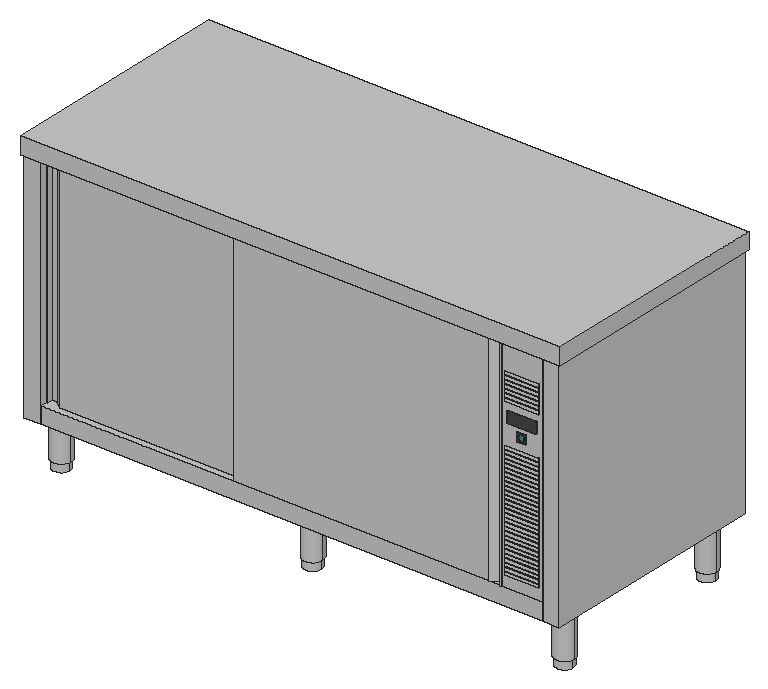
Revit family "QF_ELECTROLUXPROFESSIONAL_132798_MTCD1600PN", category Attrezzature speciali, Revit 2020
Family settings
  Quota connettore circolare = Usa diametro
  Tipo di parte = Normale
  Basato su piano di lavoro = No
  Sempre verticale = Sì
  Taglio con vuoti quando caricato = No
  Condiviso = No
  Punto di calcolo locali = No
Parameters (values of type "Standard")
  Weight = 65.00 kg
  Watts = 2400 W
  Volts = 220 V
  URL Manufacturer = "https://www.electroluxprofessional.com/"
  URL = "https://www.electroluxprofessional.com/"
  Steam Supply Size = 0 mm
  Steam Supply Minimum Pressure = 0.0 Pa
  Steam Supply Maximum Pressure = 0.0 Pa
  Steam Consumption per Hour = 0
  Refrigeration Suction Line Size = 0.0 mm
  Refrigeration Liquid Line Size = 0.0 mm
  Refrigerant Compressor Remote = yes
  Prospetto di default = 0.0 mm
  Produttore = "Electrolux Professional"
  Phase = 1
  Modello = "MTCD1600PN"
  Length Actual = 1600.0 mm  # constant formula
  Item Number = "132798"
  Hot Water Size = 0 mm
  Height Actual = 900.0 mm  # constant formula
  HP = "3.2 HP"
  Gas Size = 0 mm
  Gas KW = 0
  Gas Input Pressure = 0 W
  Direct Waste Size = 0 mm
  Descrizione = "HOT PASST.CUPB.VENT+SHELF+SLIDING D.1600"
  Depth Actual = 700.0 mm  # constant formula
  Cycle = 50 Hz
  Condensate Return Size = 0 mm
  Compressed Air Volume = 0.0 L/s
  Compressed Air Size = 0 mm
  Compressed Air Pressure = 0.0 Pa
  Cold Water Size = 0 mm
  Accessory = yes
Reference planes
  plane 1 "Center (Front/Back)": y = 0
  plane 2: z = 0
  plane 3 "Center (Left/Right)": x = -300
  plane 4 "LEFT": x = -1100
  plane 5 "RIGHT": x = 500
  plane 6 "BACK": y = 350
  plane 7 "FRONT": y = -350
  plane 8 "Base": z = 850
  plane 9 "TOP": z = 900
  plane 10: x = -1046.5
  plane 11: x = 446.5
  plane 12: y = 264.5
  plane 13: y = -264.5
  plane 14 "BodyLeft": x = -1094.5
  plane 15 "BodyFront": y = -344.5
  plane 16 "BodyRight": x = 494.5
  plane 17 "BodyBack": y = 344.5
  plane 18 "FEET": z = 150
  plane 19: x = 324.5
  plane 20: x = -361
  plane 21: x = 444.5
  plane 22: x = 400
  plane 23: y = -170
Forms (mm)
  Extrusion 1, solid, material "QF_Finishes_Stainless Steel"
    sketch origin (-300, 0, 0) x (0, 1, 0) y (0, 0, 1)
      loop
        line (-350, 850) -> (350, 850) -> (350, 900) -> (-350, 900) -> (-350, 850)
    from 800 to -800
  Extrusion 2, solid, material "QF_Finishes_Stainless Steel"
    sketch origin (0, 0, 150) x (-1, 0, 0) y (0, -1, 0)
      loop
        line (1094.5, -344.5) -> (1094.5, 344.5) -> (1044.5, 344.5) -> (1044.5, -344.5) -> (1094.5, -344.5)
      loop
        line (-444.5, -344.5) -> (-444.5, 344.5) -> (-494.5, 344.5) -> (-494.5, -344.5) -> (-444.5, -344.5)
    from 0 to 700
  Extrusion 3, solid, material "QF_Finishes_Stainless Steel"
    sketch origin (0, 0, 150) x (-1, 0, 0) y (0, -1, 0)
      loop
        line (1044.5, -344.5) -> (1044.5, 344.5) -> (-444.5, 344.5) -> (-444.5, -344.5) -> (1044.5, -344.5)
    from 0 to 50
  Extrusion 4, solid, material "QF_Finishes_Stainless Steel"
    sketch origin (-1, 0, 150) x (-1, 0, 0) y (0, -1, 0)
      loop
        line (-325.5, 344.5) -> (-325.5, 324.5) -> (470.5, 324.5) -> (470.5, 344.5) -> (-285.5, 344.5) -> (-305.5, 329.5) -> (-320.5, 329.5) -> (-320.5, 344.5) -> (-325.5, 344.5)
    from 50 to 700
  Extrusion 5, solid, material "QF_Finishes_Stainless Steel"
    sketch origin (1, 20, 150) x (1, 0, 0) y (0, 1, 0)
      loop
        line (-1045.5, -344.5) -> (-1040.5, -344.5) -> (-1040.5, -329.5) -> (-1025.5, -329.5) -> (-1005.5, -344.5) -> (-251.5, -344.5) -> (-251.5, -324.5) -> (-1045.5, -324.5) -> (-1045.5, -344.5)
    from 50 to 700
  Extrusion 6, solid, material "QF_Finishes_Stainless Steel"
    sketch origin (0, 0, 0) x (1, 0, 0) y (0, 1, 0)
      loop
        line (-1044.5, -304.5) -> (324.5, -304.5) -> (324.5, 304.5) -> (-1044.5, 304.5) -> (-1044.5, -304.5)
    from 500 to 540
  Extrusion 7, solid, material "QF_Finishes_Stainless Steel"
    sketch origin (-1, 0, 150) x (-1, 0, 0) y (0, -1, 0)
      loop
        line (-325.5, -344.5) -> (-320.5, -344.5) -> (-320.5, -329.5) -> (-305.5, -329.5) -> (-285.5, -344.5) -> (470.5, -344.5) -> (470.5, -324.5) -> (-325.5, -324.5) -> (-325.5, -344.5)
    from 50 to 700
  Extrusion 8, solid, material "QF_Finishes_Stainless Steel"
    sketch origin (1, -20, 150) x (1, 0, 0) y (0, 1, 0)
      loop
        line (-1045.5, 344.5) -> (-1045.5, 324.5) -> (-251.5, 324.5) -> (-251.5, 344.5) -> (-1005.5, 344.5) -> (-1025.5, 329.5) -> (-1040.5, 329.5) -> (-1040.5, 344.5) -> (-1045.5, 344.5)
    from 50 to 700
  Extrusion 9, solid, material "QF_Finishes_Stainless Steel"
    sketch origin (0, 0, 0) x (1, 0, 0) y (0, 1, 0)
      loop
        line (444.5, 344.5) -> (324.5, 344.5) -> (324.5, 324.5) -> (444.5, 324.5) -> (444.5, 344.5)
    from 200 to 850
  Extrusion 10, solid, material "QF_Finishes_Stainless Steel"
    sketch origin (0, 0, 150) x (-1, 0, 0) y (0, -1, 0)
      loop
        circle (-400, 170) r 10
    from 0 to -5
Cuts and joins
  joined: Extrusion 3, Extrusion 9
Lines and regions (mm)
  symbolic lines
    curve 1: line (500, 350, 900) -> (-1100, 350, 900)
    curve 2: line (-1100, 350, 900) -> (-1100, -350, 900)
    curve 3: line (-1100, -350, 900) -> (500, -350, 900)
    curve 4: line (500, -350, 900) -> (500, 350, 900)
    curve 5: line (-1100, 337, 900) -> (500, 337, 900)
  symbolic lines, style "SpecialityEquipmentHiddenLines"
    curve 6: line (-1094.5, 344.5, 150) -> (494.5, 344.5, 150)
    curve 7: line (-1094.5, -344.5, 150) -> (-1094.5, 344.5, 150)
    curve 8: line (494.5, -344.5, 150) -> (-1094.5, -344.5, 150)
    curve 9: line (494.5, 344.5, 150) -> (494.5, -344.5, 150)
    curve 10: line (-1045.5, -304.5, 150) -> (-249.5, -304.5, 150)
    curve 11: line (-249.5, -304.5, 150) -> (-249.5, -324.5, 150)
    curve 12: line (-1045.5, -324.5, 150) -> (444.5, -324.5, 150)
    curve 13: line (444.5, -324.5, 150) -> (444.5, -344.5, 150)
    curve 14: line (-1045.5, -304.5, 150) -> (-1045.5, -324.5, 150)
    curve 15: line (-471.5, -344.5, 0) -> (-471.5, -324.5, 0)
    curve 16: line (-1045.5, 304.5, 150) -> (-249.5, 304.5, 150)
    curve 17: line (-1045.5, 324.5, 150) -> (444.5, 324.5, 150)
    curve 18: line (-471.5, 344.5, 0) -> (-471.5, 324.5, 0)
    curve 19: line (-250.5, 304.5, 0) -> (-250.5, 324.5, 0)
Dimensions and locks
  plane 4 "LEFT" to plane 5 "RIGHT" = 1600.0 mm
  equal spacing: plane 4 "LEFT", plane 3 "Center (Left/Right)", plane 5 "RIGHT"
  locked: plane 8 "Base" to level at 850
  locked: plane 9 "TOP" to level at 900
  plane 6 "BACK" to plane 7 "FRONT" = 700.0 mm
  equal spacing: plane 6 "BACK", plane 1 "Center (Front/Back)", plane 7 "FRONT"
  locked: plane 4 "LEFT" to plane 14 "BodyLeft" at 5.5
  locked: plane 16 "BodyRight" to plane 5 "RIGHT" at 5.5
  locked: plane 15 "BodyFront" to plane 7 "FRONT" at 5.5
  locked: plane 6 "BACK" to plane 17 "BodyBack" at 5.5
  locked: plane 14 "BodyLeft" to plane 10 at 48
  locked: plane 11 to plane 16 "BodyRight" at 48
  locked: plane 13 to plane 15 "BodyFront" at 80
  locked: plane 17 "BodyBack" to plane 12 at 80
  plane 10 to plane 11 = 1493.0 mm
  plane 12 to plane 13 = 529.0 mm
  locked: plane 14 "BodyLeft" to Extrusion 2 sketch curve at 50
  locked: Extrusion 2 sketch curve to Extrusion 2 sketch curve at 50
  equal spacing: plane 10, plane 20, plane 19
  locked: plane 21 to plane 16 "BodyRight" at 50
  locked: plane 19 to plane 21 at 120
  locked: Extrusion 4 sketch curve to plane 20 at 110.5
  locked: plane 20 to Extrusion 5 sketch curve at 110.5
  locked: plane 18 "FEET" to level at 150
  locked: plane 22 to plane 5 "RIGHT" at 100
  locked: plane 23 to plane 7 "FRONT" at 180
  aligned and locked: level to plane 2
  aligned and locked: plane 10 to nested 1
  aligned and locked: nested 1 to plane 13
  aligned and locked: plane 11 to nested 2
  aligned and locked: nested 2 to plane 13
  aligned and locked: plane 11 to nested 4
  aligned and locked: nested 4 to plane 12
  aligned and locked: plane 10 to nested 3
  aligned and locked: nested 3 to plane 12
  aligned and locked: Extrusion 1 to plane 4 "LEFT"
  aligned and locked: plane 5 "RIGHT" to Extrusion 1
  aligned and locked: curve 2 to plane 4 "LEFT"
  aligned and locked: plane 17 "BodyBack" to Extrusion 2 sketch curve
  aligned and locked: Extrusion 2 sketch curve to plane 15 "BodyFront"
  aligned and locked: Extrusion 2 sketch curve to plane 14 "BodyLeft"
  aligned and locked: plane 16 "BodyRight" to Extrusion 2 sketch curve
  aligned and locked: Extrusion 2 sketch curve to plane 17 "BodyBack"
  aligned and locked: plane 15 "BodyFront" to Extrusion 2 sketch curve
  aligned and locked: Extrusion 3 sketch curve to plane 17 "BodyBack"
  aligned and locked: plane 15 "BodyFront" to Extrusion 3 sketch curve
  aligned and locked: plane 8 "Base" to Extrusion 2
  aligned and locked: plane 8 "Base" to Extrusion 4
  aligned and locked: Extrusion 4 to Extrusion 3
  aligned and locked: Extrusion 1 to plane 8 "Base"
  aligned and locked: plane 9 "TOP" to Extrusion 1
  aligned and locked: curve 6 to plane 17 "BodyBack"
  aligned and locked: plane 14 "BodyLeft" to curve 7
  aligned and locked: plane 15 "BodyFront" to curve 8
  aligned and locked: plane 16 "BodyRight" to curve 9
  aligned and locked: Extrusion 3 to Extrusion 2  (x2)
  aligned and locked: Extrusion 6 sketch curve to Extrusion 2
  aligned and locked: Extrusion 6 sketch curve to Extrusion 5
  aligned and locked: curve 19 to Extrusion 8
  aligned and locked: curve 18 to Extrusion 7
  aligned and locked: nested 5 to plane 21
  aligned and locked: Extrusion 6 sketch curve to plane 19
  aligned and locked: plane 3 "Center (Left/Right)" to nested 6
  aligned and locked: plane 3 "Center (Left/Right)" to nested 7
Automatic sketch dimensions
  Extrusion 7 sketch curve to plane 19 = 0.0 mm
  Extrusion 7 sketch curve to plane 17 "BodyBack" = 0.0 mm  (x2)
  Extrusion 7 sketch curve to Extrusion 7 sketch curve = 5.0 mm
  Extrusion 7 sketch curve to Extrusion 7 sketch curve = 15.0 mm
  Extrusion 7 sketch curve to Extrusion 7 sketch curve = 20.0 mm
  plane 17 "BodyBack" to Extrusion 7 sketch curve = 20.0 mm
  plane 20 to Extrusion 7 sketch curve = 110.5 mm
  plane 17 "BodyBack" to Extrusion 7 sketch curve = 15.0 mm
  curve 15 to plane 15 "BodyFront" = 0.0 mm
  plane 15 "BodyFront" to curve 15 = 20.0 mm
  curve 15 to plane 20 = 110.5 mm
  curve 3 to plane 7 "FRONT" = 0.0 mm
  curve 5 to plane 5 "RIGHT" = 0.0 mm
  curve 4 to plane 6 "BACK" = 0.0 mm
  curve 5 to plane 17 "BodyBack" = 7.5 mm
  Extrusion 1 sketch curve to plane 7 "FRONT" = 0.0 mm
  Extrusion 1 sketch curve to plane 6 "BACK" = 0.0 mm
  Extrusion 1 sketch curve to plane 8 "Base" = 0.0 mm
  Extrusion 1 sketch curve to plane 9 "TOP" = 0.0 mm
  Extrusion 3 sketch curve to plane 21 = 0.0 mm
  plane 10 to Extrusion 3 sketch curve = 2.0 mm
  Extrusion 4 sketch curve to plane 19 = 0.0 mm
  Extrusion 4 sketch curve to plane 15 "BodyFront" = 0.0 mm  (x2)
  Extrusion 4 sketch curve to Extrusion 4 sketch curve = 5.0 mm
  Extrusion 4 sketch curve to Extrusion 4 sketch curve = 15.0 mm  (x2)
  Extrusion 4 sketch curve to Extrusion 4 sketch curve = 20.0 mm  (x2)
  Extrusion 5 sketch curve to plane 15 "BodyFront" = 20.0 mm  (x2)
  Extrusion 5 sketch curve to plane 10 = 42.0 mm
  Extrusion 5 sketch curve to plane 10 = 22.0 mm
  Extrusion 5 sketch curve to plane 10 = 7.0 mm
  Extrusion 5 sketch curve to plane 10 = 2.0 mm
  Extrusion 5 sketch curve to Extrusion 5 sketch curve = 15.0 mm
  Extrusion 5 sketch curve to Extrusion 5 sketch curve = 20.0 mm
  curve 13 to plane 21 = 0.0 mm
  curve 17 to plane 21 = 0.0 mm
  curve 8 to plane 15 "BodyFront" = 0.0 mm
  plane 3 "Center (Left/Right)" to curve 10 = 50.5 mm
  plane 10 to curve 12 = 1.0 mm
  plane 15 "BodyFront" to curve 10 = 40.0 mm
  curve 12 to curve 13 = 20.0 mm
  plane 3 "Center (Left/Right)" to curve 16 = 50.5 mm
  plane 10 to curve 17 = 1.0 mm
  plane 10 to curve 16 = 1.0 mm
  curve 17 to plane 17 "BodyBack" = 20.0 mm
  plane 12 to curve 16 = 40.0 mm
  plane 12 to Extrusion 6 sketch curve = 40.0 mm
  plane 10 to Extrusion 8 sketch curve = 2.0 mm
  Extrusion 8 sketch curve to Extrusion 8 sketch curve = 5.0 mm
  Extrusion 8 sketch curve to Extrusion 8 sketch curve = 15.0 mm  (x2)
  Extrusion 8 sketch curve to plane 17 "BodyBack" = 20.0 mm  (x2)
  Extrusion 8 sketch curve to Extrusion 8 sketch curve = 20.0 mm  (x2)
  plane 3 "Center (Left/Right)" to Extrusion 8 sketch curve = 49.5 mm
  curve 18 to plane 17 "BodyBack" = 0.0 mm
  curve 18 to plane 17 "BodyBack" = 20.0 mm
  plane 12 to curve 19 = 40.0 mm
  curve 19 to curve 19 = 20.0 mm
  Extrusion 9 sketch curve to plane 17 "BodyBack" = 0.0 mm
  Extrusion 9 sketch curve to plane 19 = 0.0 mm
  Extrusion 9 sketch curve to plane 21 = 0.0 mm
  Extrusion 9 sketch curve to plane 17 "BodyBack" = 20.0 mm
  Extrusion 10 sketch curve to plane 22 = 0.0 mm
  Extrusion 10 sketch curve to plane 23 = 0.0 mm
  radius of Extrusion 10 sketch curve = 10.0 mm
Nested families
  nested 1: "FEET_D58-150" at (-1046.5, -264.5, 0), type "FEET_D58-150"
  nested 2: "FEET_D58-150" at (446.5, -264.5, 0), type "FEET_D58-150"
  nested 3: "FEET_D58-150" at (-1046.5, 264.5, 0), type "FEET_D58-150"
  nested 4: "FEET_D58-150" at (446.5, 264.5, 0), type "FEET_D58-150"
  nested 5: "WT_PNL120x650" at (531.42, -304.5, 600) x (1, 0, 0) z (0, -1, 0), type "WT_PNL120x650"
    with Show Logo yes
  nested 6: "FEET_D58-150" at (-300, -264.5, 0), type "FEET_D58-150"
  nested 7: "FEET_D58-150" at (-300, 264.5, 0), type "FEET_D58-150"
Connectors
  electrical at (400, -170, 145)
    settings: on Extrusion 10, index 1, voltage 0 V, apparent load 0 VA, apparent load phase1 0 VA, apparent load phase2 0 VA, apparent load phase3 0 VA, power factor 1, load classification "Other", number of poles 1, system type 30, power factor state 1, is connector primary yes, connector utility no, sub classification motor no, connector description "Electrical connection"
Definition of nested family "FEET_D58-150"
  Parameters
    Default Elevation = 0.0 mm
    FEET = 150.0 mm
  Reference planes
    plane 1 "Center (Front/Back)": y = 0
    plane 2: z = 0
    plane 3 "Center (Left/Right)": x = 0
    plane 4: z = 150
  Forms (mm)
    Extrusion 1, solid
      sketch origin (0, 0, 0) x (1, 0, 0) y (0, 1, 0)
        loop
          circle (0, 0) r 25
      from 0 to 25
    Extrusion 2, solid
      sketch origin (0, 0, 0) x (1, 0, 0) y (0, 1, 0)
        loop
          circle (0.061, 0) r 29
      from 25 to 150 <- "FEET"
  Lines and regions (mm)
    symbolic lines
      curve 1: line (0, -1.503, 0) -> (0, 1.508, 0)
      curve 2: line (1.561, 0, 0) -> (-1.439, 0, 0)
  Dimensions and locks
    "FEET": plane 4 to plane 2
    aligned and locked: level to plane 2
  Automatic sketch dimensions
    plane 1 "Center (Front/Back)" to Extrusion 1 sketch curve = 0.0 mm
    Extrusion 1 sketch curve to plane 3 "Center (Left/Right)" = 0.0 mm
    plane 1 "Center (Front/Back)" to curve 2 = 0.0 mm
    curve 1 to plane 3 "Center (Left/Right)" = 0.0 mm
    curve 2 to plane 3 "Center (Left/Right)" = 1.439 mm
    plane 3 "Center (Left/Right)" to curve 2 = 1.561 mm
    plane 1 "Center (Front/Back)" to curve 1 = 1.503 mm
    curve 1 to plane 1 "Center (Front/Back)" = 1.508 mm
    plane 1 "Center (Front/Back)" to Extrusion 2 sketch curve = 0.0 mm
    plane 3 "Center (Left/Right)" to Extrusion 2 sketch curve = 0.061 mm
    radius of Extrusion 1 sketch curve = 25.0 mm
    radius of Extrusion 2 sketch curve = 29.0 mm
Definition of nested family "WT_PNL120x650"
  Parameters
    Show Logo [instance] = yes
    Default Elevation = 1219.2 mm
  Reference planes
    plane 1 "Center (Front/Back)": y = -75
    plane 2: z = 0
    plane 3 "Center (Left/Right)": x = -146.92
    plane 4: x = -206.92
    plane 5: x = -86.92
    plane 6: y = 250
    plane 7: y = -400
    plane 8 "TOP": z = 40
  Forms (mm)
    Extrusion 1, solid
      sketch origin (0, 0, 0) x (1, 0, 0) y (0, 1, 0)
        loop
          line (-1219.2, 1219.2) -> (-1219.2, -1219.2) -> (1219.2, -1219.2) -> (1219.2, 1219.2) -> (-1219.2, 1219.2)
      from 0 to -304.8
    Extrusion 2, solid
      sketch origin (0, 0, 0) x (1, 0, 0) y (0, 1, 0)
        loop
          line (-206.92, 250) -> (-206.92, -400) -> (-86.92, -400) -> (-86.92, 250) -> (-206.92, 250)
      from 0 to 40
    Extrusion 3, void
      sketch origin (0, 0, 40) x (-1, 0, 0) y (0, -1, 0)
        loop
          arc (101.92, -68.899) -> (103.795, -73.256) -> (108.247, -74.89) r 6
          line (108.247, -74.89) -> (185.92, -74.89)
          arc (185.92, -74.89) -> (190.163, -73.133) -> (191.92, -68.89) r 6
          line (191.92, -68.89) -> (191.92, -45.89)
          arc (191.92, -45.89) -> (190.163, -41.648) -> (185.92, -39.89) r 6
          line (185.92, -39.89) -> (107.92, -39.89)
          arc (107.92, -39.89) -> (103.677, -41.648) -> (101.92, -45.89) r 6
          line (101.92, -45.89) -> (101.92, -68.899)
        loop
          line (158.92, -27.89) -> (158.92, -2.89) -> (134.92, -2.89) -> (134.92, -27.89) -> (158.92, -27.89)
      from -2 to 0
    Extrusion 4, solid
      sketch origin (0, 0, 40) x (-1, 0, 0) y (0, -1, 0)
        loop
          line (185.92, -39.89) -> (107.92, -39.89)
          arc (107.92, -39.89) -> (103.677, -41.648) -> (101.92, -45.89) r 6
          line (101.92, -45.89) -> (101.92, -68.899)
          arc (101.92, -68.899) -> (103.795, -73.256) -> (108.247, -74.89) r 6
          line (108.247, -74.89) -> (185.92, -74.89)
          arc (185.92, -74.89) -> (190.163, -73.133) -> (191.92, -68.89) r 6
          line (191.92, -68.89) -> (191.92, -45.89)
          arc (191.92, -45.89) -> (190.163, -41.648) -> (185.92, -39.89) r 6
      from -2 to 1
    Extrusion 5, solid
      sketch origin (-146.92, 0, 0) x (0, 1, 0) y (0, 0, 1)
        loop
          line (95.896, 40) -> (104.899, 40) -> (95.896, 41.206) -> (95.896, 40)
        loop
          line (107.896, 40) -> (116.899, 40) -> (107.896, 41.206) -> (107.896, 40)
        loop
          line (119.896, 40) -> (128.899, 40) -> (119.896, 41.206) -> (119.896, 40)
        loop
          line (131.896, 40) -> (140.899, 40) -> (131.896, 41.206) -> (131.896, 40)
        loop
          line (143.896, 40) -> (152.899, 40) -> (143.896, 41.206) -> (143.896, 40)
        loop
          line (155.896, 40) -> (164.899, 40) -> (155.896, 41.206) -> (155.896, 40)
        loop
          line (167.896, 40) -> (176.899, 40) -> (167.896, 41.206) -> (167.896, 40)
        loop
          line (-102.104, 40) -> (-93.101, 40) -> (-102.104, 41.206) -> (-102.104, 40)
        loop
          line (-90.104, 40) -> (-81.101, 40) -> (-90.104, 41.206) -> (-90.104, 40)
        loop
          line (-78.104, 40) -> (-69.101, 40) -> (-78.104, 41.206) -> (-78.104, 40)
        loop
          line (-66.104, 40) -> (-57.101, 40) -> (-66.104, 41.206) -> (-66.104, 40)
        loop
          line (-54.104, 40) -> (-45.101, 40) -> (-54.104, 41.206) -> (-54.104, 40)
        loop
          line (-42.104, 40) -> (-33.101, 40) -> (-42.104, 41.206) -> (-42.104, 40)
        loop
          line (-30.104, 40) -> (-21.101, 40) -> (-30.104, 41.206) -> (-30.104, 40)
        loop
          line (-174.104, 40) -> (-165.101, 40) -> (-174.104, 41.206) -> (-174.104, 40)
        loop
          line (-162.104, 40) -> (-153.101, 40) -> (-162.104, 41.206) -> (-162.104, 40)
        loop
          line (-150.104, 40) -> (-141.101, 40) -> (-150.104, 41.206) -> (-150.104, 40)
        loop
          line (-138.104, 40) -> (-129.101, 40) -> (-138.104, 41.206) -> (-138.104, 40)
        loop
          line (-126.104, 40) -> (-117.101, 40) -> (-126.104, 41.206) -> (-126.104, 40)
        loop
          line (-114.104, 40) -> (-105.101, 40) -> (-114.104, 41.206) -> (-114.104, 40)
        loop
          line (-246.104, 40) -> (-237.101, 40) -> (-246.104, 41.206) -> (-246.104, 40)
        loop
          line (-234.104, 40) -> (-225.101, 40) -> (-234.104, 41.206) -> (-234.104, 40)
        loop
          line (-222.104, 40) -> (-213.101, 40) -> (-222.104, 41.206) -> (-222.104, 40)
        loop
          line (-210.104, 40) -> (-201.101, 40) -> (-210.104, 41.206) -> (-210.104, 40)
        loop
          line (-198.104, 40) -> (-189.101, 40) -> (-198.104, 41.206) -> (-198.104, 40)
        loop
          line (-186.104, 40) -> (-177.101, 40) -> (-186.104, 41.206) -> (-186.104, 40)
        loop
          line (-318.104, 40) -> (-309.101, 40) -> (-318.104, 41.206) -> (-318.104, 40)
        loop
          line (-306.104, 40) -> (-297.101, 40) -> (-306.104, 41.206) -> (-306.104, 40)
        loop
          line (-294.104, 40) -> (-285.101, 40) -> (-294.104, 41.206) -> (-294.104, 40)
        loop
          line (-282.104, 40) -> (-273.101, 40) -> (-282.104, 41.206) -> (-282.104, 40)
        loop
          line (-270.104, 40) -> (-261.101, 40) -> (-270.104, 41.206) -> (-270.104, 40)
        loop
          line (-258.104, 40) -> (-249.101, 40) -> (-258.104, 41.206) -> (-258.104, 40)
        loop
          line (-366.104, 40) -> (-357.101, 40) -> (-366.104, 41.206) -> (-366.104, 40)
        loop
          line (-354.104, 40) -> (-345.101, 40) -> (-354.104, 41.206) -> (-354.104, 40)
        loop
          line (-342.104, 40) -> (-333.101, 40) -> (-342.104, 41.206) -> (-342.104, 40)
        loop
          line (-330.104, 40) -> (-321.101, 40) -> (-330.104, 41.206) -> (-330.104, 40)
      from -50 to 50
    Extrusion 6, solid
      sketch origin (0, 0, 40) x (-1, 0, 0) y (0, -1, 0)
        loop
          line (134.92, -27.89) -> (158.92, -27.89) -> (158.92, -2.89) -> (134.92, -2.89) -> (134.92, -27.89)
        loop
          circle (146.92, -15.39) r 9
      from -2 to 3
    Extrusion 7, solid
      sketch origin (0, 0, 40) x (-1, 0, 0) y (0, -1, 0)
        loop
          circle (146.92, -15.39) r 9
      from 0 to 3
  Cuts and joins
    Extrusion 3 cuts Extrusion 2
  Dimensions and locks
    equal spacing: plane 6, plane 1 "Center (Front/Back)", plane 7
    equal spacing: plane 4, plane 3 "Center (Left/Right)", plane 5
    plane 8 "TOP" to level = 40.0 mm
    aligned and locked: plane 2 to Extrusion 1
    aligned and locked: level to Extrusion 1
  Automatic sketch dimensions
    Extrusion 1 sketch curve to Extrusion 1 sketch curve = 2438.4 mm  (x2)
    Extrusion 2 sketch curve to plane 4 = 0.0 mm
    Extrusion 2 sketch curve to plane 5 = 0.0 mm
    Extrusion 2 sketch curve to plane 7 = 0.0 mm
    Extrusion 2 sketch curve to plane 6 = 0.0 mm
    Extrusion 5 sketch curve to plane 8 "TOP" = 0.0 mm  (x36)
    Extrusion 5 sketch curve to Extrusion 5 sketch curve = 9.003 mm  (x35)
    plane 8 "TOP" to Extrusion 5 sketch curve = 1.206 mm  (x22)
    Extrusion 5 sketch curve to Extrusion 5 sketch curve = 2.997 mm  (x33)
    plane 1 "Center (Front/Back)" to Extrusion 5 sketch curve = 6.101 mm
    plane 1 "Center (Front/Back)" to Extrusion 5 sketch curve = 3.104 mm
    Extrusion 5 sketch curve to plane 1 "Center (Front/Back)" = 5.899 mm
    Extrusion 5 sketch curve to Extrusion 5 sketch curve = 116.997 mm
    Extrusion 5 sketch curve to Extrusion 5 sketch curve = 1.206 mm  (x14)
    Extrusion 4 sketch curve to plane 5 = 15.0 mm
    Extrusion 4 sketch curve to Extrusion 4 sketch curve = 6.0 mm  (x3)
    Extrusion 4 sketch curve to Extrusion 4 sketch curve = 0.327 mm
    plane 4 to Extrusion 4 sketch curve = 21.0 mm  (x2)
    Extrusion 4 sketch curve to plane 1 "Center (Front/Back)" = 149.89 mm
    Extrusion 4 sketch curve to Extrusion 4 sketch curve = 23.009 mm
    Extrusion 3 sketch curve to plane 5 = 15.0 mm
    Extrusion 3 sketch curve to Extrusion 3 sketch curve = 6.0 mm  (x3)
    Extrusion 3 sketch curve to Extrusion 3 sketch curve = 0.327 mm
    plane 3 "Center (Left/Right)" to Extrusion 3 sketch curve = 12.0 mm
    Extrusion 3 sketch curve to plane 3 "Center (Left/Right)" = 12.0 mm
    plane 4 to Extrusion 3 sketch curve = 21.0 mm  (x2)
    Extrusion 3 sketch curve to plane 1 "Center (Front/Back)" = 149.89 mm
    Extrusion 3 sketch curve to Extrusion 3 sketch curve = 23.0 mm
    Extrusion 3 sketch curve to Extrusion 3 sketch curve = 12.0 mm
    Extrusion 3 sketch curve to Extrusion 3 sketch curve = 25.0 mm
    Extrusion 6 sketch curve to plane 3 "Center (Left/Right)" = 0.0 mm
    plane 3 "Center (Left/Right)" to Extrusion 6 sketch curve = 12.0 mm
    Extrusion 6 sketch curve to plane 3 "Center (Left/Right)" = 12.0 mm
    Extrusion 6 sketch curve to plane 1 "Center (Front/Back)" = 102.89 mm
    Extrusion 6 sketch curve to Extrusion 6 sketch curve = 12.5 mm  (x2)
    Extrusion 7 sketch curve to plane 3 "Center (Left/Right)" = 0.0 mm
    Extrusion 7 sketch curve to plane 1 "Center (Front/Back)" = 90.39 mm
    radius of Extrusion 6 sketch curve = 9.0 mm
    radius of Extrusion 7 sketch curve = 9.0 mm
